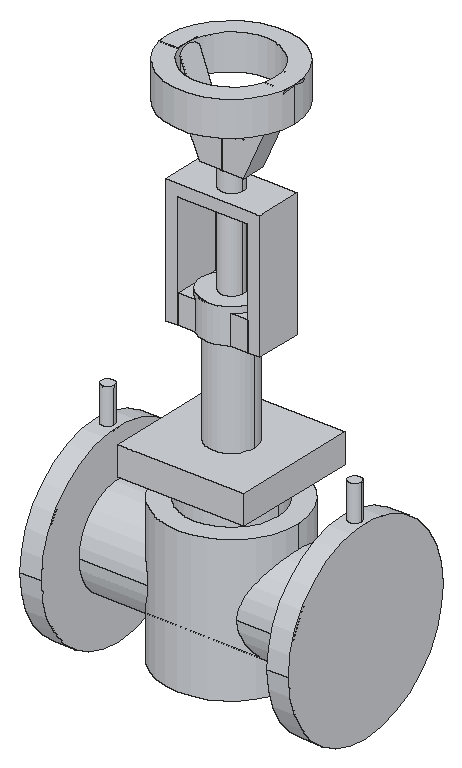
Revit family "Sigma_Compact_DN050-HF_PN16_RFA_2018", category Pipe Accessories, Revit 2018
Family settings
  Round Connector Dimension = Use Diameter
  Part Type = Valve - Breaks Into
  Work Plane-Based = No
  Always vertical = Yes
  Cut with Voids When Loaded = No
  Shared = No
Parameters (values of type "Sigma Compact DN 050 HF PN16")
  magiProductId = "68e8ec0e285d475ea5c3f8787337ca"
  magiProductFamilyId = "01495da7eb234de3883c6bc9c8853e"
  magiPartTypeId = 304
  isMeasuringValve [instance] = no
  ang2D [instance] = 0.00°
  W2D = 50 mm
  VersionID = "2.0/2018.12.13.2/FRESE_SIGMA_C_BIG_Q13_001"
  Use Minimum Symbol Size [instance] = no
  URL = "www.hydronix.cz"
  Type Comments = "přírubový; PN16; max dp=800kPa; 0~+120°C; max uzavírací tlak 1MPa"
  R4 = 40.25 mm
  R3 = 42.9 mm
  R1 = 57.5 mm
  QmdConnectorList = "301;D;302;D"
  Productdata [instance] = ""
  Manufacturer = "Hydronix"
  Maintenance Zone Under Depth [instance] = 100 mm
  Maintenance Zone Right Depth [instance] = 100 mm
  Maintenance Zone Over Depth [instance] = 100 mm
  Maintenance Zone Left Depth [instance] = 100 mm
  Maintenance Zone Front Depth [instance] = 100 mm
  Maintenance Zone Back Depth [instance] = 100 mm
  Maintenance Zone Front Visibility [instance] = no
  MC Use Limits From Balancing Method = no
  MC Throttling Minimum Value = 0
  MC Throttling Maximum Value = 0
  MC Product Code = "53-2410 DN50; PN16; (3920-24000 l/h); kvs=34"
  MC Pressure Drop Minimum Value = 0.0 Pa
  MC Pressure Drop Maximum Value = 0.0 Pa
  MC Piping Given Pressure Drop [instance] = 0.0 Pa
  LF__ve = -LF  # -18.4 mm
  LF2 = 9.2 mm
  LF = 18.4 mm
  L432 = 18.917 mm
  L43 = 37.835 mm
  L42 = 54.05 mm
  L4 = 108.1 mm
  L3 = 193.2 mm
  L2D_Min = 30.48 mm
  L2D = 230 mm
  L2 = 115 mm
  HH12 = 16.5 mm
  HH1 = 33 mm
  HDF__ve = -HDF  # -202 mm
  HDF = 202 mm
  H6 = 85 mm
  H4 = 24.75 mm
  H3 = 20.625 mm
  H2 = 61.875 mm
  H11 = 123.75 mm
  H1 = 480 mm
  H = 367 mm
  Description = "Automatický vyvažovací ventil"
  DF2 = 82.5 mm
  D = 50 mm
  Clearance Zone Height Depth [instance] = 100 mm
  Clearance Zone Circular Radius [instance] = 115 mm
  Clearance Zone Visibility [instance] = no
  CAT0 = yes
Types (9, lengths in mm): name | magiProductId | Type Comments | R4 | R3 | R1 | MC Product Code | LF__ve | LF2 | LF | L432 | L43 | L42 | L4 | L3 | L2 | HH12 | HH1 | HDF__ve | HDF | H4 | H3 | H2 | H11 | H1 | H | DF2 | D | Clearance Zone Circular Radius
  Sigma Compact DN 050 HF PN16 | "68e8ec0e285d475ea5c3f8787337ca" | "přírubový; PN16; max dp=800kPa; 0~+120°C; max uzavírací tlak 1MPa" | 40.25 | 42.9 | 57.5 | "53-2410 DN50; PN16; (3920-24000 l/h); kvs=34" | -18.4 | 9.2 | 18.4 | 18.917 | 37.835 | 54.05 | 108.1 | 193.2 | 115 | 16.5 | 33 | -202 | 202 | 24.75 | 20.625 | 61.875 | 123.75 | 480 | 367 | 82.5 | 50 | 115
  Sigma Compact DN 065 HF PN16 | "93d22af618bf47d6be13ef3bd41a97" | "přírubový; PN16; max dp=800kPa; 0~+120°C; max uzavírací tlak 1MPa" | 50.75 | 48.1 | 72.5 | "53-2411 DN65; PN16; (5950-35000 l/h); kvs=47" | -23.2 | 11.6 | 23.2 | 23.853 | 47.705 | 68.15 | 136.3 | 243.6 | 145 | 16.5 | 33 | -199 | 199 | 27.75 | 23.125 | 69.375 | 138.75 | 497 | 384 | 92.5 | 65 | 145
  Sigma Compact DN 080 HF PN16 | "30d16928369c437789493110503824" | "přírubový; PN16; max dp=800kPa; 0~+120°C; max uzavírací tlak 1MPa" | 54.25 | 52 | 77.5 | "53-2412 DN80; PN16; (7020-43000 l/h); kvs=61" | -24.8 | 12.4 | 24.8 | 25.497 | 50.995 | 72.85 | 145.7 | 260.4 | 155 | 16.5 | 33 | -213 | 213 | 30 | 25 | 75 | 150 | 526 | 413 | 100 | 80 | 155
  Sigma Compact DN 100 HF PN16 | "cbc2fc0a341c4a2b87b0bcbf79c376" | "přírubový; PN16; max dp=800kPa; 0~+120°C; max uzavírací tlak 1MPa" | 61.25 | 61.1 | 87.5 | "53-2413 DN100; PN16; (14800-90000 l/h); kvs=104" | -28 | 14 | 28 | 28.788 | 57.575 | 82.25 | 164.5 | 294 | 175 | 34 | 68 | -331 | 331 | 35.25 | 29.375 | 88.125 | 176.25 | 714 | 566 | 117.5 | 100 | 175
  Sigma Compact DN 125 HF PN16 | "02452206f7594718b3d97e4e693144" | "přírubový; PN16; max dp=800kPa; 0~+120°C; max uzavírací tlak 1MPa" | 70 | 70.2 | 100 | "53-2414 DN125; PN16; (23000-135000 l/h); kvs=185" | -32 | 16 | 32 | 32.9 | 65.8 | 94 | 188 | 336 | 200 | 36.5 | 73 | -338 | 338 | 40.5 | 33.75 | 101.25 | 202.5 | 761 | 608 | 135 | 125 | 200
  Sigma Compact DN 150 HF PN16 | "2e5d0064e2dd45fa818d7fb779c9a5" | "přírubový; PN16; max dp=800kPa; 0~+110°C; max uzavírací tlak 1MPa" | 84 | 74.1 | 120 | "53-2415 DN150; PN16; (32000-195000 l/h); kvs=242" | -38.4 | 19.2 | 38.4 | 39.48 | 78.96 | 112.8 | 225.6 | 403.2 | 240 | 13 | 26 | -391 | 391 | 42.75 | 35.625 | 106.875 | 213.75 | 782 | 676 | 142.5 | 150 | 240
  Sigma Compact DN 200 HF PN16 | "9690c155034b41f3a54554dedb5edf" | "přírubový; PN16; max dp=800kPa; 0~+110°C; max uzavírací tlak 1MPa" | 105 | 98.8 | 150 | "53-2416 DN200; PN16; (130000-280000 l/h); kvs=317" | -48 | 24 | 48 | 49.35 | 98.7 | 141 | 282 | 504 | 300 | 29.5 | 59 | -334 | 334 | 57 | 47.5 | 142.5 | 285 | 853 | 714 | 190 | 200 | 300
  Sigma Compact DN 250 HF PN16 | "baee3668eb0d4f168225ec1ed946f7" | "přírubový; PN16; max dp=800kPa; 0~+110°C; max uzavírací tlak 1MPa" | 127.75 | 115.44 | 182.5 | "53-2417 DN250; PN16; (245000-600000 l/h); kvs=717" | -58.4 | 29.2 | 58.4 | 60.042 | 120.085 | 171.55 | 343.1 | 613.2 | 365 | 29 | 58 | -462 | 462 | 66.6 | 55.5 | 166.5 | 333 | 1044 | 906 | 222 | 250 | 365
  Sigma Compact DN 300 HF PN16 | "f903017b03a74a7ebca8b59c0516bf" | "přírubový; PN16; max dp=800kPa; 0~+110°C; max uzavírací tlak 1MPa" | 148.75 | 135.2 | 212.5 | "53-2418 DN300; PN16; (245000-600000 l/h); kvs=717" | -68 | 34 | 68 | 69.912 | 139.825 | 199.75 | 399.5 | 714 | 425 | 29 | 58 | -424 | 424 | 78 | 65 | 195 | 390 | 1082 | 944 | 260 | 300 | 425
Reference planes
  plane 1 "Center (Front/Back)": y = 0
  plane 2 "XYPLANE": z = 0
  plane 3 "Center (Left/Right)": x = 0
  plane 4 "298": y = -182.5
  plane 5 "297": y = 182.5
  plane 6 "296": y = -82.5
  plane 7 "295": y = 82.5
  plane 8 "294": z = -182.5
  plane 9 "293": z = 497.5
  plane 10 "292": x = -215
  plane 11 "291": x = 215
  plane 12 "290": z = 497.5
  plane 13 "256": y = -20
  plane 14 "254": z = 291
  plane 15 "253": z = 301
  plane 16 "252": x = -40
  plane 17 "251": x = -30
  plane 18 "250": x = 40
  plane 19 "249": x = 30
  plane 20 "247": z = 192.25
  plane 21 "244": z = 284.5
  plane 22 "243": x = 54.05
  plane 23 "242": x = 37.835
  plane 24 "241": x = 18.917
  plane 25 "240": y = -10
  plane 26 "238": x = -18.917
  plane 27 "237": x = -37.835
  plane 28 "236": z = 317.5
  plane 29 "235": z = 347.5
  plane 30 "234": x = -54.05
  plane 31 "225": z = 397.5
  plane 32 "224": z = -82.5
  plane 33 "157": x = 105.8
  plane 34 "156": x = -105.8
  plane 35 "155": z = 82.5
  plane 36 "154": z = 107.25
  plane 37 "153": z = 82.5
  plane 38 "152": z = 61.875
  plane 39 "151": x = -96.6
  plane 40 "150": z = -61.875
  plane 41 "149": x = 0
  plane 42 "148": y = 0
  plane 43 "147": z = 0
  plane 44 "146": x = -115
  plane 45 "145": x = 115
Forms (mm)
  Blend 1, solid, visible <- "Maintenance Zone Front Visibility"
    base sketch origin (-750, 0, 497.5) x (1, 0, 0) y (0, 1, 0)
      loop
        line (535, 182.5) -> (535, -182.5) -> (965, -182.5) -> (965, 182.5) -> (535, 182.5)
    top sketch origin (-750, 0, 497.5) x (1, 0, 0) y (0, 1, 0)
      loop
        line (535, 182.5) -> (535, -182.5) -> (965, -182.5) -> (965, 182.5) -> (535, 182.5)
    from 0 to -680
  Blend 2, solid, visible <- "Clearance Zone Visibility"
    base sketch origin (-750, 0, 0) x (1, 0, 0) y (0, 1, 0)
      loop
        circle (750, 0) r 115
    top sketch origin (-750, 0, 0) x (1, 0, 0) y (0, 1, 0)
      loop
        circle (750, 0) r 115
    from 0 to 497.5
  Extrusion 3, solid
    sketch origin (-750, 0, 284.5) x (1, 0, 0) y (0, 1, 0)
      loop
        circle (750, 0) r 10
    from 0 to -202 <- "HDF__ve"
  Extrusion 4, solid
    sketch origin (-750, 0, 192.25) x (1, 0, 0) y (0, 1, 0)
      loop
        line (780, 20) -> (720, 20) -> (720, -20) -> (780, -20) -> (780, 20)
    from 0 to 25
  Extrusion 5, solid
    sketch origin (750, -20, 0) x (-1, 0, 0) y (0, 0, 1)
      loop
        line (790, 192.25) -> (790, 301) -> (710, 301) -> (710, 192.25) -> (720, 192.25) -> (720, 291) -> (780, 291) -> (780, 192.25) -> (790, 192.25)
    from 0 to 40
  Extrusion 6, solid
    sketch origin (-750, 0, 192.25) x (1, 0, 0) y (0, 1, 0)
      loop
        circle (750, 0) r 25
    from 0 to 30
  Extrusion 7, solid
    sketch origin (750, -10, 0) x (-1, 0, 0) y (0, 0, 1)
      loop
        line (787.835, 397.5) -> (768.917, 347.5) -> (750, 347.5) -> (750, 317.5) -> (768.917, 317.5) -> (804.05, 397.5) -> (787.835, 397.5)
    from 0 to 20
  Extrusion 8, solid
    sketch origin (750, -10, 0) x (-1, 0, 0) y (0, 0, 1)
      loop
        line (712.165, 397.5) -> (695.95, 397.5) -> (731.083, 317.5) -> (750, 317.5) -> (750, 347.5) -> (731.083, 347.5) -> (712.165, 397.5)
    from 0 to 20
  Extrusion 9, solid
    sketch origin (-750, 0, 284.5) x (1, 0, 0) y (0, 1, 0)
      loop
        circle (750, 0) r 10
    from 0 to 33 <- "HH1"
  Extrusion 10, solid
    sketch origin (-750, 0, 397.5) x (1, 0, 0) y (0, 1, 0)
      loop
        circle (750, 0) r 54.05
      loop
        circle (750, 0) r 37.835
    from 0 to -30
  Extrusion 11, solid, visible <- "CAT0"
    sketch origin (-750, 0, 82.5) x (1, 0, 0) y (0, 1, 0)
      loop
        circle (855.8, 0) r 5.5
    from 0 to 30
  Extrusion 12, solid, visible <- "CAT0"
    sketch origin (-750, 0, 82.5) x (1, 0, 0) y (0, 1, 0)
      loop
        circle (644.2, 0) r 5.5
    from 0 to 30
  Extrusion 13, solid, visible <- "CAT0"
    sketch origin (-750, 0, 107.25) x (1, 0, 0) y (0, 1, 0)
      loop
        circle (750, 0) r 20
    from 0 to 85 <- "H6"
  Extrusion 14, solid, visible <- "CAT0"
    sketch origin (-750, 0, 82.5) x (1, 0, 0) y (0, 1, 0)
      loop
        line (804.05, 54.05) -> (695.95, 54.05) -> (695.95, -54.05) -> (804.05, -54.05) -> (804.05, 54.05)
    from 0 to 24.75 <- "H4"
  Extrusion 15, solid, visible <- "CAT0"
    sketch origin (-750, 0, 61.875) x (1, 0, 0) y (0, 1, 0)
      loop
        circle (750, 0) r 40.25
    from 0 to 20.625 <- "H3"
  Extrusion 16, solid, visible <- "CAT0"
    sketch origin (-96.6, -750, 0) x (0, 1, 0) y (0, 0, 1)
      loop
        circle (750, 0) r 42.9
    from 0 to 193.2 <- "L3"
  Extrusion 17, solid, visible <- "CAT0"
    sketch origin (-750, 0, -61.875) x (1, 0, 0) y (0, 1, 0)
      loop
        circle (750, 0) r 57.5
    from 0 to 123.75 <- "H11"
  Extrusion 18, solid, visible <- "CAT0"
    sketch origin (-115, -750, 0) x (0, 1, 0) y (0, 0, 1)
      loop
        circle (750, 0) r 82.5
    from 0 to 18.4 <- "LF"
  Extrusion 19, solid, visible <- "CAT0"
    sketch origin (115, -750, 0) x (0, 1, 0) y (0, 0, 1)
      loop
        circle (750, 0) r 82.5
    from 0 to -18.4 <- "LF__ve"
  Extrusion 20, solid, not visible
    sketch origin (-115, -750, 0) x (0, 1, 0) y (0, 0, 1)
      loop
        circle (750, 0) r 10
    from 0 to 10
  Extrusion 21, solid, not visible
    sketch origin (115, -750, 0) x (0, 1, 0) y (0, 0, 1)
      loop
        circle (750, 0) r 10
    from 0 to -10
Lines and regions (mm)
  reference lines, not visible
    curve 1: circle (2, 2, 0) r 1 normal (0, 0, 1)
  reference lines
    curve 2: circle (0, 0, 82.5) r 1 normal (0, 0, 1)
Dimensions and locks
  plane 1 "Center (Front/Back)" to curve 1 = 2 mm
  "Maintenance Zone Front Depth": plane 6 "296" to plane 4 "298"
  "Maintenance Zone Back Depth": plane 7 "295" to plane 5 "297"
  "DF2": plane 42 "148" to plane 6 "296"
  "DF2": plane 42 "148" to plane 7 "295"
  "Maintenance Zone Under Depth": plane 32 "224" to plane 8 "294"
  "Maintenance Zone Over Depth": plane 31 "225" to plane 9 "293"
  "Maintenance Zone Left Depth": plane 44 "146" to plane 10 "292"
  "Maintenance Zone Right Depth": plane 45 "145" to plane 11 "291"
  "Clearance Zone Height Depth": plane 31 "225" to plane 12 "290"
  locked: plane 25 "240" to plane 13 "256" at 10
  locked: plane 15 "253" to plane 14 "254" at 10
  "HH12": plane 21 "244" to plane 15 "253"
  locked: plane 17 "251" to plane 16 "252" at 10
  locked: plane 41 "149" to plane 17 "251" at 30
  locked: plane 19 "249" to plane 18 "250" at 10
  locked: plane 41 "149" to plane 19 "249" at 30
  "H6": plane 36 "154" to plane 20 "247"
  "H": plane 32 "224" to plane 21 "244"
  "L42": plane 41 "149" to plane 22 "243"
  "L43": plane 41 "149" to plane 23 "242"
  "L432": plane 41 "149" to plane 24 "241"
  locked: plane 42 "148" to plane 25 "240" at 10
  "L432": plane 41 "149" to plane 26 "238"
  "L43": plane 41 "149" to plane 27 "237"
  locked: plane 29 "235" to plane 28 "236" at 30
  locked: plane 31 "225" to plane 29 "235" at 50
  "L42": plane 41 "149" to plane 30 "234"
  "H1": plane 32 "224" to plane 31 "225"
  "DF2": plane 2 "XYPLANE" to plane 32 "224"
  "LF2": plane 45 "145" to plane 33 "157"
  "LF2": plane 44 "146" to plane 34 "156"
  "DF2": plane 2 "XYPLANE" to plane 35 "155"
  "H4": plane 37 "153" to plane 36 "154"
  "H3": plane 38 "152" to plane 37 "153"
  "H11": plane 40 "150" to plane 38 "152"
  "LF": plane 44 "146" to plane 39 "151"
  "H2": plane 2 "XYPLANE" to plane 40 "150"
  locked: plane 3 "Center (Left/Right)" to plane 41 "149"
  locked: plane 1 "Center (Front/Back)" to plane 42 "148"
  locked: plane 2 "XYPLANE" to plane 43 "147"
  "L2": plane 3 "Center (Left/Right)" to plane 44 "146"
  "L2": plane 3 "Center (Left/Right)" to plane 45 "145"
  Blend 1 sketch curve to Blend 1 sketch curve = 0 mm  (x16)
  Extrusion 4 sketch curve to Extrusion 4 sketch curve = 0 mm  (x8)
  Extrusion 5 sketch curve to Extrusion 5 sketch curve = 0 mm  (x16)
  Extrusion 7 sketch curve to Extrusion 7 sketch curve = 0 mm  (x12)
  Extrusion 8 sketch curve to Extrusion 8 sketch curve = 0 mm  (x12)
  equal spacing: Extrusion 14 sketch curve, curve 2, Extrusion 14 sketch curve  (x2)
  "L4": Extrusion 14 sketch curve to Extrusion 14 sketch curve  (x2)
  Extrusion 14 sketch curve to Extrusion 14 sketch curve = 0 mm  (x8)
  "Clearance Zone Circular Radius": radius of Blend 2 sketch curve  (x2)
  "L42": radius of Extrusion 10 sketch curve
  "L43": radius of Extrusion 10 sketch curve
  "R4": radius of Extrusion 15 sketch curve
  "R3": radius of Extrusion 16 sketch curve
  "R1": radius of Extrusion 17 sketch curve
  "DF2": radius of Extrusion 18 sketch curve
  "DF2": radius of Extrusion 19 sketch curve
  aligned and locked: level to plane 2 "XYPLANE"
  aligned and locked: Blend 1 sketch curve to plane 5 "297"  (x2)
  aligned and locked: plane 10 "292" to Blend 1 sketch curve  (x4)
  aligned and locked: plane 11 "291" to Blend 1 sketch curve  (x4)
  aligned and locked: plane 5 "297" to Blend 1 sketch curve  (x2)
  aligned and locked: plane 4 "298" to Blend 1 sketch curve  (x4)
  aligned and locked: Blend 1 to plane 8 "294"
  aligned and locked: plane 41 "149" to Blend 2 sketch curve  (x2)
  aligned and locked: plane 42 "148" to Blend 2 sketch curve  (x2)
  aligned and locked: plane 12 "290" to Blend 2
  aligned and locked: plane 41 "149" to Extrusion 3 sketch curve
  aligned and locked: plane 42 "148" to Extrusion 3 sketch curve
  aligned and locked: Extrusion 5 sketch curve to plane 16 "252"
  aligned and locked: plane 20 "247" to Extrusion 5 sketch curve  (x4)
  aligned and locked: plane 15 "253" to Extrusion 5 sketch curve  (x2)
  aligned and locked: plane 16 "252" to Extrusion 5 sketch curve
  aligned and locked: plane 18 "250" to Extrusion 5 sketch curve  (x2)
  aligned and locked: plane 19 "249" to Extrusion 5 sketch curve  (x2)
  aligned and locked: plane 14 "254" to Extrusion 5 sketch curve  (x2)
  aligned and locked: plane 17 "251" to Extrusion 5 sketch curve  (x2)
  aligned and locked: plane 41 "149" to Extrusion 6 sketch curve
  aligned and locked: plane 42 "148" to Extrusion 6 sketch curve
  aligned and locked: plane 27 "237" to Extrusion 7 sketch curve
  aligned and locked: plane 31 "225" to Extrusion 7 sketch curve  (x2)
  aligned and locked: plane 26 "238" to Extrusion 7 sketch curve  (x2)
  aligned and locked: plane 29 "235" to Extrusion 7 sketch curve  (x2)
  aligned and locked: plane 41 "149" to Extrusion 7 sketch curve  (x2)
  aligned and locked: plane 28 "236" to Extrusion 7 sketch curve  (x2)
  aligned and locked: plane 30 "234" to Extrusion 7 sketch curve
  aligned and locked: plane 23 "242" to Extrusion 8 sketch curve
  aligned and locked: plane 31 "225" to Extrusion 8 sketch curve  (x2)
  aligned and locked: plane 24 "241" to Extrusion 8 sketch curve  (x2)
  aligned and locked: plane 29 "235" to Extrusion 8 sketch curve  (x2)
  aligned and locked: plane 41 "149" to Extrusion 8 sketch curve  (x2)
  aligned and locked: plane 28 "236" to Extrusion 8 sketch curve  (x2)
  aligned and locked: plane 22 "243" to Extrusion 8 sketch curve
  aligned and locked: plane 41 "149" to Extrusion 9 sketch curve
  aligned and locked: plane 42 "148" to Extrusion 9 sketch curve
  aligned and locked: plane 41 "149" to Extrusion 10 sketch curve  (x2)
  aligned and locked: plane 42 "148" to Extrusion 10 sketch curve  (x2)
  aligned and locked: plane 33 "157" to Extrusion 11 sketch curve
  aligned and locked: plane 42 "148" to Extrusion 11 sketch curve
  aligned and locked: plane 34 "156" to Extrusion 12 sketch curve
  aligned and locked: plane 42 "148" to Extrusion 12 sketch curve
  aligned and locked: plane 41 "149" to Extrusion 13 sketch curve
  aligned and locked: plane 42 "148" to Extrusion 13 sketch curve
  aligned and locked: plane 41 "149" to curve 2
  aligned and locked: plane 42 "148" to curve 2
  aligned and locked: plane 41 "149" to Extrusion 15 sketch curve
  aligned and locked: plane 42 "148" to Extrusion 15 sketch curve
  aligned and locked: Extrusion 16 sketch curve to plane 42 "148"
  aligned and locked: plane 43 "147" to Extrusion 16 sketch curve
  aligned and locked: plane 41 "149" to Extrusion 17 sketch curve
  aligned and locked: plane 42 "148" to Extrusion 17 sketch curve
  aligned and locked: Extrusion 18 sketch curve to plane 42 "148"
  aligned and locked: plane 43 "147" to Extrusion 18 sketch curve
  aligned and locked: Extrusion 19 sketch curve to plane 42 "148"
  aligned and locked: plane 43 "147" to Extrusion 19 sketch curve
  aligned and locked: Extrusion 20 sketch curve to plane 42 "148"
  aligned and locked: plane 43 "147" to Extrusion 20 sketch curve
  aligned and locked: Extrusion 21 sketch curve to plane 42 "148"
  aligned and locked: plane 43 "147" to Extrusion 21 sketch curve
Automatic sketch dimensions
  plane 26 "238" to Extrusion 3 sketch curve = 8.917 mm
  Extrusion 4 sketch curve to plane 17 "251" = 0 mm
  Extrusion 4 sketch curve to plane 13 "256" = 0 mm
  Extrusion 4 sketch curve to plane 19 "249" = 0 mm
  Extrusion 4 sketch curve to plane 1 "Center (Front/Back)" = 20 mm
  plane 17 "251" to Extrusion 6 sketch curve = 5 mm
  plane 26 "238" to Extrusion 9 sketch curve = 8.917 mm
  Extrusion 11 sketch curve to plane 33 "157" = 5.5 mm
  plane 44 "146" to Extrusion 12 sketch curve = 3.7 mm
  Extrusion 13 sketch curve to plane 26 "238" = 1.083 mm
  Extrusion 20 sketch curve to plane 25 "240" = 0 mm
  Extrusion 21 sketch curve to plane 25 "240" = 0 mm
  plane 3 "Center (Left/Right)" to curve 1 = 2 mm
  Extrusion 14 sketch curve to plane 30 "234" = 0 mm
  plane 6 "296" to Extrusion 14 sketch curve = 28.45 mm
  radius of curve 2 = 1 mm
  radius of curve 1 = 1 mm
Connectors
  piping at (-115, 0, 0), diameter 50, driven by "D"
    settings: on Extrusion 20, index 1, connector inside diameter 609.6 mm, connector length 0 mm, flow factor 0, pipe flow 0.0 L/s, pressure drop 0.0 Pa, fitting loss kfactor 0, connector angle 0.00°, fixture units 0, engagement length 0 mm, angle of deflection 0.00°, flow configuration 0, flow direction 0, fitting loss method 0, system type 29, joint type 0, gender type 0, connector reference index 2, connector utility 0, adjustable connector no, is connector primary yes, connector description ""
  piping at (115, 0, 0), diameter 50, driven by "D"
    settings: on Extrusion 21, index 2, connector inside diameter 609.6 mm, connector length 0 mm, flow factor 0, pipe flow 0.0 L/s, pressure drop 0.0 Pa, fitting loss kfactor 0, connector angle 0.00°, fixture units 0, engagement length 0 mm, angle of deflection 0.00°, flow configuration 0, flow direction 0, fitting loss method 0, system type 29, joint type 0, gender type 0, connector reference index 1, connector utility 0, adjustable connector no, is connector primary no, connector description ""
